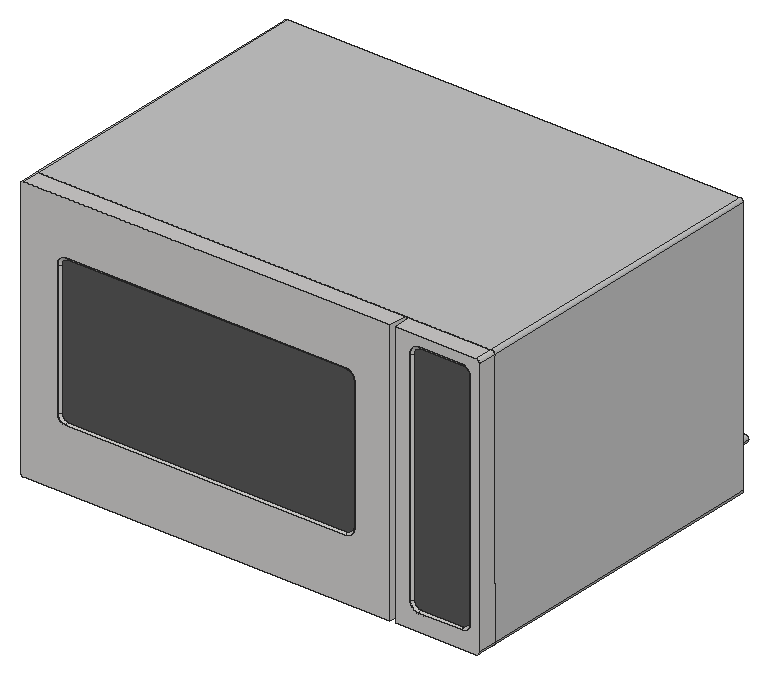
Revit family "FP_Revit_18_CMO-24SS-3Y_Microwave_90000928A", category Specialty Equipment, Revit 2018
Family settings
  Round Connector Dimension = Use Diameter
  Part Type = Normal
  OmniClass Number = 23.40.40.14.17.31
  OmniClass Title = Small Specialized Cooking Equipment
  Work Plane-Based = No
  Always vertical = Yes
  Cut with Voids When Loaded = Yes
  Shared = No
  Room Calculation Point = No
Parameters
  Visibility - Clearance Required = yes
  URL = "www.fisherpaykel.com"
  Product - Width = 629 mm  # constant formula
  Product - Height = 378 mm  # constant formula
  Product - Depth = 485 mm  # constant formula
  Model = "CMO-24SS-3Y"
  Material - Glass = Fisher & Paykel - Glass, Black
  Material - Front = Fisher & Paykel - Stainless Steel
  Material - Body = Fisher & Paykel - Grey
  Manufacturer = "Fisher & Paykel Appliances"
  FFL Offset [instance] = 860 mm
  Description = "24\" Convection Microwave"
  Connector Note - Electrical = "120 V, 60 Hz, 15 A"
Reference planes
  plane 1 "Datum": y = 0
  plane 2: z = 0
  plane 3 "Center (Left/Right)": x = 0
  plane 4 "Top": z = 1238
  plane 5 "Product LHS": x = -314.5
  plane 6 "Product RHS": x = 314.5
  plane 7 "Product - Depth": y = 485
  plane 8 "FFL Offset": z = 860
  plane 9 "Base": z = 875.24
Forms (mm)
  Extrusion 1, solid, material "Fisher & Paykel - Stainless Steel" <- "Material - Front"
    sketch origin (0, 0, 0) x (1, 0, 0) y (0, 0, 1)
      loop
        arc (-309.5, 1238) -> (-313.036, 1236.536) -> (-314.5, 1233) r 5
        line (-314.5, 1233) -> (-314.5, 880.24)
        arc (-314.5, 880.24) -> (-313.036, 876.704) -> (-309.5, 875.24) r 5
        line (-309.5, 875.24) -> (309.5, 875.24)
        arc (309.5, 875.24) -> (313.036, 876.704) -> (314.5, 880.24) r 5
        line (314.5, 880.24) -> (314.5, 1233)
        arc (314.5, 1233) -> (313.036, 1236.536) -> (309.5, 1238) r 5
        line (309.5, 1238) -> (-309.5, 1238)
      loop
        arc (-251.52, 1164.165) -> (-260.005, 1160.65) -> (-263.52, 1152.165) r 12
        line (-263.52, 1152.165) -> (-263.52, 970.265)
        arc (-263.52, 970.265) -> (-260.005, 961.78) -> (-251.52, 958.265) r 12
        line (-251.52, 958.265) -> (130.88, 958.265)
        arc (130.88, 958.265) -> (139.365, 961.78) -> (142.88, 970.265) r 12
        line (142.88, 970.265) -> (142.88, 1152.165)
        arc (142.88, 1152.165) -> (139.365, 1160.65) -> (130.88, 1164.165) r 12
        line (130.88, 1164.165) -> (-251.52, 1164.165)
      loop
        arc (231.08, 1224.49) -> (222.595, 1220.975) -> (219.08, 1212.49) r 12
        line (219.08, 1212.49) -> (219.08, 909.94)
        arc (219.08, 909.94) -> (222.595, 901.455) -> (231.08, 897.94) r 12
        line (231.08, 897.94) -> (289.63, 897.94)
        arc (289.63, 897.94) -> (298.115, 901.455) -> (301.63, 909.94) r 12
        line (301.63, 909.94) -> (301.63, 1212.49)
        arc (301.63, 1212.49) -> (298.115, 1220.975) -> (289.63, 1224.49) r 12
        line (289.63, 1224.49) -> (231.08, 1224.49)
    from -25.4 to 0
  Extrusion 2, void
    sketch origin (0, 0, 0) x (1, 0, 0) y (0, 1, 0)
      loop
        line (193.68, 25.4) -> (191.458, 0) -> (199.077, 0) -> (196.855, 25.4) -> (193.68, 25.4)
    from 860 to 1238
  Extrusion 3, solid, material "Fisher & Paykel - Glass, Black" <- "Material - Glass"
    sketch origin (0, 0, 0) x (1, 0, 0) y (0, 0, 1)
      loop
        arc (-251.52, 1164.165) -> (-260.005, 1160.65) -> (-263.52, 1152.165) r 12
        line (-263.52, 1152.165) -> (-263.52, 970.265)
        arc (-263.52, 970.265) -> (-260.005, 961.78) -> (-251.52, 958.265) r 12
        line (-251.52, 958.265) -> (130.88, 958.265)
        arc (130.88, 958.265) -> (139.365, 961.78) -> (142.88, 970.265) r 12
        line (142.88, 970.265) -> (142.88, 1152.165)
        arc (142.88, 1152.165) -> (139.365, 1160.65) -> (130.88, 1164.165) r 12
        line (130.88, 1164.165) -> (-251.52, 1164.165)
      loop
        line (289.63, 1224.49) -> (231.08, 1224.49)
        arc (231.08, 1224.49) -> (222.595, 1220.975) -> (219.08, 1212.49) r 12
        line (219.08, 1212.49) -> (219.08, 909.94)
        arc (219.08, 909.94) -> (222.595, 901.455) -> (231.08, 897.94) r 12
        line (231.08, 897.94) -> (289.63, 897.94)
        arc (289.63, 897.94) -> (298.115, 901.455) -> (301.63, 909.94) r 12
        line (301.63, 909.94) -> (301.63, 1212.49)
        arc (301.63, 1212.49) -> (298.115, 1220.975) -> (289.63, 1224.49) r 12
    from -25.4 to -3.175
  Extrusion 4, solid, material "Fisher & Paykel - Grey" <- "Material - Body"
    sketch origin (0, 0, 0) x (1, 0, 0) y (0, 0, 1)
      loop
        arc (-309.5, 1238) -> (-313.036, 1236.536) -> (-314.5, 1233) r 5
        line (-314.5, 1233) -> (-314.5, 880.24)
        arc (-314.5, 880.24) -> (-313.036, 876.704) -> (-309.5, 875.24) r 5
        line (-309.5, 875.24) -> (309.5, 875.24)
        arc (309.5, 875.24) -> (313.036, 876.704) -> (314.5, 880.24) r 5
        line (314.5, 880.24) -> (314.5, 1233)
        arc (314.5, 1233) -> (313.036, 1236.536) -> (309.5, 1238) r 5
        line (309.5, 1238) -> (-309.5, 1238)
    from -450.85 to -25.4
  Extrusion 5, solid, material "Fisher & Paykel - Grey" <- "Material - Body"
    sketch origin (0, 0, 0) x (1, 0, 0) y (0, 1, 0)
      loop
        circle (-234.945, 86.36) r 9.302
      loop
        circle (-234.945, 395.923) r 9.302
      loop
        circle (234.945, 86.36) r 9.302
      loop
        circle (234.945, 395.923) r 9.302
    from 860 to 875.24
  Extrusion 6, solid, material "Fisher & Paykel - Grey" <- "Material - Body"
    sketch origin (0, 0, 0) x (1, 0, 0) y (0, 0, 1)
      loop
        line (101.347, 1177.795) -> (-217.225, 1177.795)
        arc (-217.225, 1177.795) -> (-234.903, 1170.473) -> (-242.225, 1152.795) r 25
        line (-242.225, 1152.795) -> (-242.225, 965.985)
        arc (-242.225, 965.985) -> (-234.903, 948.307) -> (-217.225, 940.985) r 25
        line (-217.225, 940.985) -> (101.347, 940.985)
        arc (101.347, 940.985) -> (119.025, 948.307) -> (126.347, 965.985) r 25
        line (126.347, 965.985) -> (126.347, 1152.795)
        arc (126.347, 1152.795) -> (119.025, 1170.473) -> (101.347, 1177.795) r 25
    from -460.375 to -450.85
  Sweep 7, solid, material "Fisher & Paykel - Grey" <- "Material - Body", detail levels fine
    path in 3D
      loop
        arc (101.347, 460.375, 1177.795) -> (119.025, 460.375, 1170.473) -> (126.347, 460.375, 1152.795) r 25
        line (126.347, 460.375, 1152.795) -> (126.347, 460.375, 965.985)
        arc (126.347, 460.375, 965.985) -> (119.025, 460.375, 948.307) -> (101.347, 460.375, 940.985) r 25
        line (101.347, 460.375, 940.985) -> (-217.225, 460.375, 940.985)
        arc (-217.225, 460.375, 940.985) -> (-234.903, 460.375, 948.307) -> (-242.225, 460.375, 965.985) r 25
        line (-242.225, 460.375, 965.985) -> (-242.225, 460.375, 1152.795)
        arc (-242.225, 460.375, 1152.795) -> (-234.903, 460.375, 1170.473) -> (-217.225, 460.375, 1177.795) r 25
        line (-217.225, 460.375, 1177.795) -> (101.347, 460.375, 1177.795)
    profile origin (-57.939, 460.375, 1177.795) x (0, 1, 0) y (0, 0, 1)
      loop
        line (0, 0) -> (-9.525, 9.525) -> (-9.525, 0) -> (0, 0)
  Revolve 8, solid, material "Fisher & Paykel - Grey" <- "Material - Body"
    sketch origin (-202.5, 0, 0) x (0, 1, 0) y (0, 0, 1)
      loop
        line (485, 980.65) -> (485, 992.483)
        arc (485, 992.483) -> (481.575, 995.027) -> (478.15, 992.483) r 3.577
        line (478.15, 992.483) -> (478.15, 989.017) -> (460.375, 989.017) -> (460.375, 980.65) -> (485, 980.65)
      axis (485, 980.65) -> (460.375, 980.65)
    angle from 0 to 360
  Extrusion 9, solid, material "Fisher & Paykel - Grey" <- "Material - Body"
    sketch origin (0, 0, 0) x (1, 0, 0) y (0, 0, 1)
      loop
        circle (289.33, 920.24) r 5
    from -485 to -450.85
  Extrusion 10, void
    sketch origin (0, 0, 0) x (1, 0, 0) y (0, 1, 0)
      loop
        line (-314.5, 485) -> (-314.5, 0) -> (314.5, 0) -> (314.5, 485) -> (-314.5, 485)
    from 860 to 1238
  Sweep 11, solid, material "Fisher & Paykel - Stainless Steel" <- "Material - Front", detail levels fine
    path in 3D
      loop
        arc (-263.52, 0, 1152.165) -> (-260.005, 0, 1160.65) -> (-251.52, 0, 1164.165) r 12
        line (-251.52, 0, 1164.165) -> (130.88, 0, 1164.165)
        arc (130.88, 0, 1164.165) -> (139.365, 0, 1160.65) -> (142.88, 0, 1152.165) r 12
        line (142.88, 0, 1152.165) -> (142.88, 0, 970.265)
        arc (142.88, 0, 970.265) -> (139.365, 0, 961.78) -> (130.88, 0, 958.265) r 12
        line (130.88, 0, 958.265) -> (-251.52, 0, 958.265)
        arc (-251.52, 0, 958.265) -> (-260.005, 0, 961.78) -> (-263.52, 0, 970.265) r 12
        line (-263.52, 0, 970.265) -> (-263.52, 0, 1152.165)
    profile origin (-263.52, 0, 1061.215) x (0, -1, 0) y (1, 0, 0)
      loop
        line (0, 0) -> (-3.175, 3.175) -> (-3.175, 0) -> (0, 0)
  Sweep 12, solid, material "Fisher & Paykel - Stainless Steel" <- "Material - Front", detail levels fine
    path in 3D
      loop
        arc (219.08, 0, 1212.49) -> (222.595, 0, 1220.975) -> (231.08, 0, 1224.49) r 12
        line (231.08, 0, 1224.49) -> (289.63, 0, 1224.49)
        arc (289.63, 0, 1224.49) -> (298.115, 0, 1220.975) -> (301.63, 0, 1212.49) r 12
        line (301.63, 0, 1212.49) -> (301.63, 0, 909.94)
        arc (301.63, 0, 909.94) -> (298.115, 0, 901.455) -> (289.63, 0, 897.94) r 12
        line (289.63, 0, 897.94) -> (231.08, 0, 897.94)
        arc (231.08, 0, 897.94) -> (222.595, 0, 901.455) -> (219.08, 0, 909.94) r 12
        line (219.08, 0, 909.94) -> (219.08, 0, 1212.49)
    profile origin (219.08, 0, 1061.215) x (0, -1, 0) y (1, 0, 0)
      loop
        line (0, 0) -> (-3.175, 3.175) -> (-3.175, 0) -> (0, 0)
Cuts and joins
  Extrusion 2 cuts Extrusion 1
Lines and regions (mm)
  sketch lines
    curve 1: line (-217.225, 460.375, 1177.795) -> (101.347, 460.375, 1177.795)
    curve 2: arc (-217.225, 460.375, 1177.795) -> (-234.903, 460.375, 1170.473) -> (-242.225, 460.375, 1152.795) r 25
    curve 3: line (-242.225, 460.375, 965.985) -> (-242.225, 460.375, 1152.795)
    curve 4: arc (-242.225, 460.375, 965.985) -> (-234.903, 460.375, 948.307) -> (-217.225, 460.375, 940.985) r 25
    curve 5: line (101.347, 460.375, 940.985) -> (-217.225, 460.375, 940.985)
    curve 6: arc (101.347, 460.375, 940.985) -> (119.025, 460.375, 948.307) -> (126.347, 460.375, 965.985) r 25
    curve 7: line (126.347, 460.375, 1152.795) -> (126.347, 460.375, 965.985)
    curve 8: arc (126.347, 460.375, 1152.795) -> (119.025, 460.375, 1170.473) -> (101.347, 460.375, 1177.795) r 25
    curve 9: line (-263.52, 0, 970.265) -> (-263.52, 0, 1152.165)
    curve 10: arc (-251.52, 0, 1164.165) -> (-260.005, 0, 1160.65) -> (-263.52, 0, 1152.165) r 12
    curve 11: line (-251.52, 0, 1164.165) -> (130.88, 0, 1164.165)
    curve 12: arc (142.88, 0, 1152.165) -> (139.365, 0, 1160.65) -> (130.88, 0, 1164.165) r 12
    curve 13: line (142.88, 0, 1152.165) -> (142.88, 0, 970.265)
    curve 14: arc (130.88, 0, 958.265) -> (139.365, 0, 961.78) -> (142.88, 0, 970.265) r 12
    curve 15: line (130.88, 0, 958.265) -> (-251.52, 0, 958.265)
    curve 16: arc (-263.52, 0, 970.265) -> (-260.005, 0, 961.78) -> (-251.52, 0, 958.265) r 12
    curve 17: line (219.08, 0, 909.94) -> (219.08, 0, 1212.49)
    curve 18: arc (231.08, 0, 1224.49) -> (222.595, 0, 1220.975) -> (219.08, 0, 1212.49) r 12
    curve 19: line (231.08, 0, 1224.49) -> (289.63, 0, 1224.49)
    curve 20: arc (301.63, 0, 1212.49) -> (298.115, 0, 1220.975) -> (289.63, 0, 1224.49) r 12
    curve 21: line (301.63, 0, 1212.49) -> (301.63, 0, 909.94)
    curve 22: arc (289.63, 0, 897.94) -> (298.115, 0, 901.455) -> (301.63, 0, 909.94) r 12
    curve 23: line (289.63, 0, 897.94) -> (231.08, 0, 897.94)
    curve 24: arc (219.08, 0, 909.94) -> (222.595, 0, 901.455) -> (231.08, 0, 897.94) r 12
Text (mm)
  text "Due to ongoing product development, product details are subject to change without notice. \nPlease always refer to www.fisherpaykel.com for the most current product information. \n© Fisher & Paykel 2020" at (41.04, -248.295, 0), in view "Ref. Level (Plan)"
Dimensions and locks
  equal spacing: plane 5 "Product LHS", plane 3 "Center (Left/Right)", plane 6 "Product RHS"
  "Product - Width": plane 5 "Product LHS" to plane 6 "Product RHS"
  "Product - Depth": plane 1 "Datum" to plane 7 "Product - Depth"
  "FFL Offset": plane 8 "FFL Offset" to level
  locked: plane 8 "FFL Offset" to Revolve 8 sketch curve at 120.65
  locked: Revolve 8 sketch curve to Revolve 8 sketch curve at 8.367
  locked: Extrusion 9 sketch curve to plane 8 "FFL Offset" at 60.24
  locked: plane 9 "Base" to plane 8 "FFL Offset" at 15.24
  cut or joined group of Extrusion 1, Extrusion 2 to plane 8 "FFL Offset" = 37.94 mm
  cut or joined group of Extrusion 1, Extrusion 2 to plane 8 "FFL Offset" = 98.265 mm
  locked: plane 8 "FFL Offset" to Extrusion 6 at 80.985
  locked: Sweep 7 to plane 8 "FFL Offset" at 80.985
  "Product - Height": plane 4 "Top" to plane 8 "FFL Offset"
  aligned and locked: level to plane 2
  aligned and locked: Extrusion 1 sketch curve to plane 5 "Product LHS"
  aligned and locked: plane 6 "Product RHS" to Extrusion 1 sketch curve
  aligned and locked: Revolve 8 sketch curve to plane 7 "Product - Depth"
  aligned and locked: Extrusion 9 to plane 7 "Product - Depth"
  aligned and locked: Extrusion 4 sketch curve to plane 4 "Top"
  aligned and locked: plane 4 "Top" to Extrusion 10
  aligned and locked: Extrusion 4 sketch curve to plane 9 "Base"
  aligned and locked: Extrusion 1 sketch curve to plane 9 "Base"
  aligned and locked: Extrusion 3 sketch curve to cut or joined group of Extrusion 1, Extrusion 2  (x2)
  aligned and locked: Extrusion 2 to plane 8 "FFL Offset"
  aligned and locked: Extrusion 5 to plane 8 "FFL Offset"
  aligned and locked: Extrusion 5 to Extrusion 4
  aligned and locked: Extrusion 10 to Extrusion 5
  aligned and locked: plane 4 "Top" to Extrusion 2
Automatic sketch dimensions
  plane 1 "Datum" to Extrusion 2 sketch curve = 0 mm
  plane 6 "Product RHS" to Extrusion 2 sketch curve = 123.042 mm
  Extrusion 2 sketch curve to plane 1 "Datum" = 25.4 mm
  Extrusion 2 sketch curve to Extrusion 2 sketch curve = 2.222 mm
  Extrusion 2 sketch curve to Extrusion 2 sketch curve = 3.175 mm
  Extrusion 2 sketch curve to Extrusion 2 sketch curve = 7.62 mm
  Extrusion 6 sketch curve to plane 5 "Product LHS" = 72.275 mm
  Extrusion 6 sketch curve to Extrusion 6 sketch curve = 25 mm  (x3)
  plane 3 "Center (Left/Right)" to Extrusion 6 sketch curve = 101.347 mm  (x2)
  level to Extrusion 6 sketch curve = 940.985 mm
  Extrusion 6 sketch curve to plane 4 "Top" = 85.205 mm
  Sweep 7 sketch curve to profile plane = 0 mm  (x2)
  profile plane to Sweep 7 sketch curve = 9.525 mm  (x2)
  Extrusion 5 sketch curve to plane 5 "Product LHS" = 79.555 mm  (x2)
  plane 6 "Product RHS" to Extrusion 5 sketch curve = 79.555 mm  (x2)
  Extrusion 5 sketch curve to plane 1 "Datum" = 86.36 mm  (x2)
  Extrusion 5 sketch curve to plane 7 "Product - Depth" = 89.077 mm  (x2)
  Revolve 8 sketch curve to plane 7 "Product - Depth" = 3.425 mm
  Revolve 8 sketch curve to Revolve 8 sketch curve = 3.425 mm
  Revolve 8 sketch curve to Revolve 8 sketch curve = 17.775 mm
  Revolve 8 sketch curve to Revolve 8 sketch curve = 2.432 mm
  Revolve 8 sketch curve to Revolve 8 sketch curve = 1.033 mm
  Revolve 8 sketch curve to Revolve 8 sketch curve = 23.464 mm
  Revolve 8 sketch curve to Revolve 8 sketch curve = 0.407 mm
  Revolve 8 sketch curve to Revolve 8 sketch curve = 0 mm
  plane 6 "Product RHS" to Extrusion 9 sketch curve = 25.17 mm
  plane 1 "Datum" to Extrusion 10 sketch curve = 0 mm
  Extrusion 10 sketch curve to plane 5 "Product LHS" = 0 mm
  Extrusion 10 sketch curve to plane 6 "Product RHS" = 0 mm
  Extrusion 10 sketch curve to plane 7 "Product - Depth" = 0 mm
  plane 5 "Product LHS" to Extrusion 4 sketch curve = 0 mm
  plane 6 "Product RHS" to Extrusion 4 sketch curve = 0 mm
  Extrusion 4 sketch curve to plane 5 "Product LHS" = 5 mm  (x2)
  Extrusion 4 sketch curve to Extrusion 4 sketch curve = 5 mm
  plane 6 "Product RHS" to Extrusion 4 sketch curve = 5 mm
  Extrusion 1 sketch curve to plane 4 "Top" = 0 mm
  Extrusion 1 sketch curve to plane 5 "Product LHS" = 5 mm  (x2)
  Extrusion 1 sketch curve to plane 5 "Product LHS" = 50.98 mm
  Extrusion 1 sketch curve to Extrusion 1 sketch curve = 12 mm  (x5)
  plane 3 "Center (Left/Right)" to Extrusion 1 sketch curve = 130.88 mm  (x2)
  Extrusion 1 sketch curve to plane 4 "Top" = 25.51 mm
  plane 6 "Product RHS" to Extrusion 1 sketch curve = 95.42 mm
  Extrusion 1 sketch curve to plane 4 "Top" = 13.51 mm
  Extrusion 1 sketch curve to plane 9 "Base" = 22.7 mm
  plane 6 "Product RHS" to Extrusion 1 sketch curve = 24.87 mm  (x2)
  plane 6 "Product RHS" to Extrusion 1 sketch curve = 5 mm  (x2)
  Extrusion 1 sketch curve to plane 9 "Base" = 83.025 mm
  Extrusion 1 sketch curve to plane 4 "Top" = 85.835 mm
  Extrusion 3 sketch curve to plane 5 "Product LHS" = 50.98 mm
  Extrusion 3 sketch curve to Extrusion 3 sketch curve = 12 mm  (x5)
  plane 3 "Center (Left/Right)" to Extrusion 3 sketch curve = 130.88 mm  (x2)
  Extrusion 3 sketch curve to plane 4 "Top" = 25.51 mm
  plane 6 "Product RHS" to Extrusion 3 sketch curve = 95.42 mm
  Extrusion 3 sketch curve to plane 4 "Top" = 13.51 mm
  plane 6 "Product RHS" to Extrusion 3 sketch curve = 24.87 mm  (x2)
  Extrusion 3 sketch curve to plane 4 "Top" = 85.835 mm
  Sweep 11 sketch curve to profile plane = 0 mm  (x2)
  profile plane to Sweep 11 sketch curve = 3.175 mm  (x2)
  Sweep 12 sketch curve to profile plane = 0 mm  (x2)
  profile plane to Sweep 12 sketch curve = 3.175 mm  (x2)
  radius of Extrusion 9 sketch curve = 5 mm
  radius of Extrusion 5 sketch curve = 9.302 mm  (x4)
Connectors
  electrical at (289.33, 485, 920.24), driven by "Connector Note - Electrical"
    settings: on Extrusion 9, index 1, voltage 120 V, apparent load 0 VA, apparent load phase1 0 VA, apparent load phase2 0 VA, apparent load phase3 0 VA, power factor 1, load classification "Other", number of poles 1, system type 30, power factor state 1, is connector primary yes, connector utility no, sub classification motor no, connector description "120 V, 60 Hz, 15 A"
